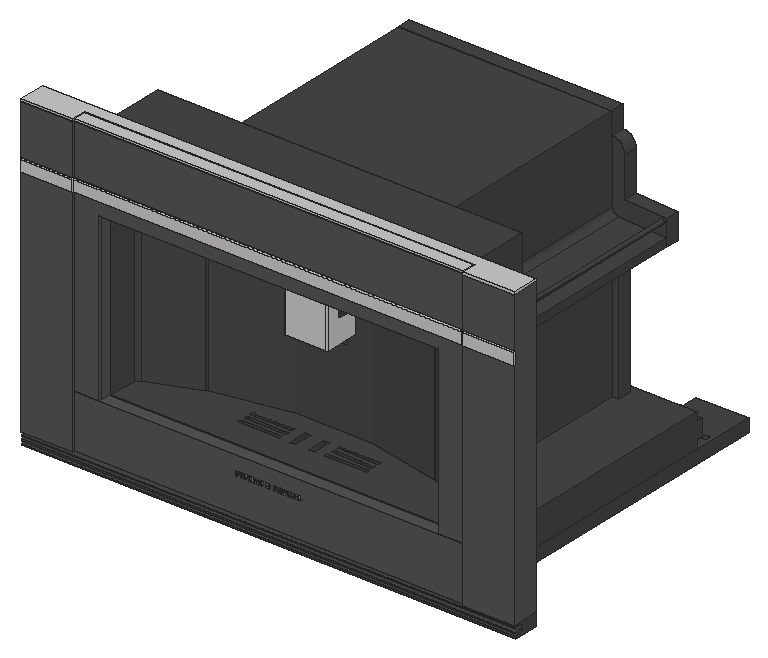
Revit family "FP_Revit_18_EB60DSXB2_w_TK76NDB1_Coffee_Maker_w_76cm_Trimkit_90000809A", category Specialty Equipment, Revit 2018
Family settings
  Round Connector Dimension = Use Diameter
  Part Type = Normal
  OmniClass Number = 23.40.40.14.17.31
  OmniClass Title = Small Specialized Cooking Equipment
  Work Plane-Based = No
  Always vertical = Yes
  Cut with Voids When Loaded = Yes
  Shared = No
  Room Calculation Point = No
Parameters (values of type "EB60DSXB2 + TK76NDB1")
  Visibility - Clearance Required = yes
  URL = "www.fisherpaykel.com"
  Product - Width = 757 mm  # constant formula
  Product - Height = 478 mm  # constant formula
  Product - Depth = 614 mm  # constant formula
  Model = "EB60DSXB2 + TK76NDB1"
  Material - Trim = Fisher & Paykel - Stainless Steel
  Material - Glass = Fisher & Paykel - Glass, Black
  Material - Body = Fisher & Paykel - Black
  Manufacturer = "Fisher & Paykel Appliances"
  FFL Offset [instance] = 900 mm
  Description = "60cm Coffee Maker + 76cm Trimkit"
  Connector Description - Electrical = "220-240 V, 50 Hz, 6.1 A"
  Chassis - Width = 560 mm  # constant formula
  Chassis - Height = 446 mm  # constant formula
  Chassis - Depth = 540 mm  # constant formula
  Cavity - Width = 560 mm  # constant formula
  Cavity - Height = 480 mm  # constant formula
  Cavity - Depth = 560 mm  # constant formula
Reference planes
  plane 1 "Center (Front/Back)": y = 0
  plane 2: z = 0
  plane 3 "Center (Left/Right)": x = 0
  plane 4: z = 1380
  plane 5: z = 1378
  plane 6 "Product LHS": x = -378.5
  plane 7 "Product RHS": x = 378.5
  plane 8 "Product - Depth": y = 0
  plane 9 "Cavity LHS": x = -380
  plane 10 "Cavity RHS": x = 380
  plane 11 "Cavity - Depth": y = 560
  plane 12 "Front Face": y = -41.5
  plane 13 "Chassis - Height": z = 0
  plane 14 "Product Depth": y = 540
  plane 15 "FFL Offset": z = 900
Forms (mm)
  Extrusion 1, void
    sketch origin (0, 0, 0) x (0, 1, 0) y (0, 0, 1)
      loop
        line (-41.5, 1380) -> (-41.5, 900) -> (0, 900) -> (0, 1380) -> (-41.5, 1380)
    from -380 to 380
  Extrusion 2, void
    sketch origin (0, 0, 0) x (0, 1, 0) y (0, 0, 1)
      loop
        line (560, 1370) -> (0, 1370) -> (0, 900) -> (560, 900) -> (560, 1370)
    from -280 to 280
Text (mm)
  text "Due to ongoing product development, product details are subject to change without notice. \nPlease always refer to www.fisherpaykel.com for the most current product information. \n© Fisher & Paykel 2020" at (41.04, -413.295, 0), in view "Ref. Level (Plan)"
Dimensions and locks
  equal spacing: plane 6 "Product LHS", plane 3 "Center (Left/Right)", plane 7 "Product RHS"
  "Product - Width": plane 6 "Product LHS" to plane 7 "Product RHS"
  equal spacing: plane 9 "Cavity LHS", plane 3 "Center (Left/Right)", plane 10 "Cavity RHS"
  locked: plane 9 "Cavity LHS" to plane 10 "Cavity RHS" at 760
  plane 12 "Front Face" to plane 1 "Center (Front/Back)" = 41.5 mm
  "Chassis - Depth": plane 1 "Center (Front/Back)" to plane 14 "Product Depth"
  "FFL Offset": plane 15 "FFL Offset" to level
  "Cavity - Depth": plane 1 "Center (Front/Back)" to plane 11 "Cavity - Depth"
  "Product - Height": plane 5 to plane 15 "FFL Offset"
  "Cavity - Height": plane 4 to plane 15 "FFL Offset"
  "Cavity - Width": Extrusion 2 to Extrusion 2
  aligned and locked: level to plane 2
  aligned and locked: plane 15 "FFL Offset" to nested 2
  aligned and locked: nested 2 to plane 8 "Product - Depth"
  aligned and locked: plane 12 "Front Face" to nested 2
  aligned and locked: plane 12 "Front Face" to Extrusion 1 sketch curve
  aligned and locked: Extrusion 1 sketch curve to plane 8 "Product - Depth"
  aligned and locked: plane 15 "FFL Offset" to Extrusion 1 sketch curve
  aligned and locked: Extrusion 1 sketch curve to plane 4
  aligned and locked: Extrusion 1 to plane 10 "Cavity RHS"
  aligned and locked: plane 9 "Cavity LHS" to Extrusion 1
  aligned and locked: Extrusion 2 sketch curve to plane 8 "Product - Depth"
  aligned and locked: Extrusion 2 sketch curve to plane 15 "FFL Offset"
  aligned and locked: plane 11 "Cavity - Depth" to Extrusion 2 sketch curve
  aligned and locked: Extrusion 2 sketch curve to nested 2
Nested families
  nested 1: "FP_Revit_18_EB60DSXB2_Coffee_Maker_90000809A" at (0, -19.5, 20), FFL Offset <- "FFL Offset", type "EB60DSXB2"
    with FFL Offset 900 mm
  nested 2: "FP_Revit_18_TK76ND_Trimkits_90001189A" at (0, 0, 0), FFL Offset <- "FFL Offset", type "TK76NDB1"
    with FFL Offset 900 mm
Connectors
  electrical at (95.857, 411.31, 1063), driven by "Connector Description - Electrical"
    settings: on nested 1, index 1, voltage 230 V, apparent load 0 VA, apparent load phase1 0 VA, apparent load phase2 0 VA, apparent load phase3 0 VA, power factor 1, load classification "Other", number of poles 1, system type 30, power factor state 1, is connector primary yes, connector utility no, sub classification motor no, connector description "220-240 V, 50 Hz, 6.1 A"
Definition of nested family "FP_Revit_18_EB60DSXB2_Coffee_Maker_90000809A"
  Parameters (values of type "EB24DSXB1")
    Visibility - Clearance Required = yes
    URL = "www.fisherpaykel.com"
    Product - Width = 596 mm  # constant formula
    Product - Height = 458 mm  # constant formula
    Product - Depth = 480 mm  # constant formula
    Model = "EB24DSXB1"
    Material - Trim = none
    Material - Glass = none
    Material - Body = none
    Manufacturer = "Fisher & Paykel Appliances"
    FFL Offset [instance] = 860 mm
    Description = "24cm Coffee Maker"
    Connector Description - Electrical = "120 V, 60 Hz, 11.25 A"
    Chassis - Width = 560 mm  # constant formula
    Chassis - Height = 445 mm  # constant formula
    Chassis - Depth = 460 mm  # constant formula
    Cavity - Width = 600 mm  # constant formula
    Cavity - Height = 460 mm  # constant formula
    Cavity - Depth = 545 mm  # constant formula
  Types (4, lengths in mm): name | Model | Description | Connector Description - Electrical
    EB60DSXBB1 | "EB60DSXBB1" | "60cm Coffee Maker" | "220-240 V, 50 Hz, 6.1 A"
    EB60DSXB2 | "EB60DSXB2" | "60cm Coffee Maker" | "220-240 V, 50 Hz, 6.1 A"
    EB24DSXBB1 | "EB24DSXBB1" | "24cm Coffee Maker" | "120 V, 60 Hz, 11.25 A"
    EB24DSXB1 | "EB24DSXB1" | "24cm Coffee Maker" | "120 V, 60 Hz, 11.25 A"
  Reference planes
    plane 1 "Center (Front/Back)": y = 0
    plane 2: z = 0
    plane 3 "Center (Left/Right)": x = 0
    plane 4: z = 1320
    plane 5: z = 1318
    plane 6 "Product LHS": x = -298
    plane 7 "Product RHS": x = 298
    plane 8 "Cavity LHS": x = -300
    plane 9 "Cavity RHS": x = 300
    plane 10 "Cavity - Depth": y = 545
    plane 11 "Front Face": y = -20
    plane 12 "Product Depth": y = 460
    plane 13 "FFL Offset": z = 860
  Forms (mm)
    Extrusion 1, solid, material <- "Material - Glass", detail levels fine
      sketch origin (0, 0, 915) x (0, 1, 0) y (0, 0, 1)
        loop
          line (0, -54) -> (0, 400) -> (-18.19, 400)
          arc (-18.19, 400) -> (-19.179, 399.792) -> (-20, 399.202) r 2.451
          line (-20, 399.202) -> (-20, 28.9) -> (-13, 28.9) -> (-13, 27.85) -> (-20, 27.85) -> (-20, -54) -> (0, -54)
      from -298 to 298
    Extrusion 2, solid, material <- "Material - Trim", detail levels fine
      sketch origin (0, 0, 0) x (0, 1, 0) y (0, 0, 1)
        loop
          line (0, 1318) -> (-20, 1318) -> (-20, 1315) -> (0, 1315) -> (0, 1318)
      from -298 to 298
    Extrusion 3, solid, material <- "Material - Trim", detail levels fine
      sketch origin (0, 0, 915) x (0, 1, 0) y (0, 0, 1)
        loop
          line (-20, 303) -> (-20, 322.8) -> (-20.827, 322.8) -> (-21.702, 320.52) -> (-21.702, 303) -> (-20, 303)
      from -298 to 298
    Extrusion 4, solid, material <- "Material - Body"
      sketch origin (0, 0, 0) x (0, 1, 0) y (0, 0, 1)
        loop
          line (116.01, 911.9) -> (116.01, 1305) -> (0, 1305) -> (0, 860) -> (450.02, 860) -> (450.02, 872.9) -> (460, 872.9) -> (460, 898.96) -> (450.02, 898.96) -> (450.02, 911.9) -> (116.01, 911.9)
      from -280 to 280
    Extrusion 5, solid, material <- "Material - Body", detail levels fine
      sketch origin (0, 0, 915) x (1, 0, 0) y (0, 0, 1)
        loop
          circle (255.488, 264.858) r 3
        loop
          arc (187.564, 248.08) -> (180.801, 250.881) -> (178, 257.644) r 9.564
          line (178, 257.644) -> (178, 390) -> (-150, 390) -> (-150, 258.403)
          arc (-150, 258.403) -> (-152.821, 251.442) -> (-159.691, 248.408) r 10
          line (-159.691, 248.408) -> (-261.967, 245.247) -> (-261.967, 232.285) -> (-159.605, 228.24)
          arc (-159.605, 228.24) -> (-152.791, 225.178) -> (-150, 218.248) r 10
          line (-150, 218.248) -> (-150, -3.1) -> (178, -3.1) -> (178, 219.061)
          arc (178, 219.061) -> (180.801, 225.824) -> (187.564, 228.625) r 9.564
          line (187.564, 228.625) -> (261.48, 231.852) -> (261.48, 244.856) -> (187.564, 248.08)
        loop
          circle (-255.488, 265.27) r 3
      from -415.81 to -116.01
    Extrusion 6, solid, material <- "Material - Body", detail levels fine
      sketch origin (0, 0, 0) x (1, 0, 0) y (0, 0, 1)
        loop
          line (261.48, 1185.549) -> (197.977, 1189.414) -> (197.977, 1250.8)
          arc (197.977, 1250.8) -> (192.126, 1264.926) -> (178, 1270.777) r 19.977
          line (178, 1270.777) -> (178, 1305) -> (-150.023, 1305) -> (-150.023, 1270.366)
          arc (-150.023, 1270.366) -> (-164.149, 1264.514) -> (-170, 1250.389) r 19.977
          line (-170, 1250.389) -> (-170, 1189.558) -> (-261.967, 1185.943) -> (-261.967, 1147.299) -> (-170, 1143.699) -> (-170, 860) -> (-120, 860) -> (-120, 1262.538) -> (145.224, 1262.538) -> (145.224, 911.9) -> (188.072, 911.9) -> (188.072, 1143.699) -> (261.48, 1146.905) -> (261.48, 1185.549)
      from -436.81 to -415.81
    Extrusion 7, void
      sketch origin (0, 0, 0) x (1, 0, 0) y (0, 1, 0)
        loop
          line (-261, -20.25) -> (261, -20.25) -> (261, -16.15) -> (258.097, 43.307)
          arc (258.097, 43.307) -> (256.532, 47.844) -> (252.912, 50.994) r 9.287
          arc (252.912, 50.994) -> (215.2, 66.982) -> (176.484, 80.359) r 600.007
          line (176.484, 80.359) -> (176.484, 87.818) -> (173.853, 87.818) -> (173.853, 81.162)
          arc (173.853, 81.162) -> (0, 106.902) -> (-173.853, 81.162) r 600.007
          line (-173.853, 81.162) -> (-173.853, 87.818) -> (-176.484, 87.818) -> (-176.484, 80.359)
          arc (-176.484, 80.359) -> (-215.2, 66.982) -> (-252.912, 50.994) r 600.007
          arc (-252.912, 50.994) -> (-256.532, 47.844) -> (-258.097, 43.307) r 9.287
          line (-258.097, 43.307) -> (-261, -16.15) -> (-261, -20.25)
      from 942.8 to 1197.8
    Extrusion 8, void
      sketch origin (0, 0, 0) x (1, 0, 0) y (0, 1, 0)
        loop
          arc (-96.162, 73.7) -> (-99.162, 70.7) -> (-96.162, 67.7) r 3
          line (-96.162, 67.7) -> (-36.788, 67.7)
          arc (-36.788, 67.7) -> (-33.788, 70.7) -> (-36.788, 73.7) r 3
          line (-36.788, 73.7) -> (-96.162, 73.7)
        loop
          arc (-96.162, 61.7) -> (-99.162, 58.7) -> (-96.162, 55.7) r 3
          line (-96.162, 55.7) -> (-36.788, 55.7)
          arc (-36.788, 55.7) -> (-33.788, 58.7) -> (-36.788, 61.7) r 3
          line (-36.788, 61.7) -> (-96.162, 61.7)
        loop
          arc (-96.162, 49.7) -> (-99.162, 46.7) -> (-96.162, 43.7) r 3
          line (-96.162, 43.7) -> (-36.788, 43.7)
          arc (-36.788, 43.7) -> (-33.788, 46.7) -> (-36.788, 49.7) r 3
          line (-36.788, 49.7) -> (-96.162, 49.7)
        loop
          line (-19.49, 73.102) -> (-19.49, 44.102) -> (-10.49, 44.102) -> (-10.49, 73.102) -> (-19.49, 73.102)
        loop
          line (96.162, 73.7) -> (36.788, 73.7)
          arc (36.788, 73.7) -> (33.788, 70.7) -> (36.788, 67.7) r 3
          line (36.788, 67.7) -> (96.162, 67.7)
          arc (96.162, 67.7) -> (99.162, 70.7) -> (96.162, 73.7) r 3
        loop
          line (96.162, 61.7) -> (36.788, 61.7)
          arc (36.788, 61.7) -> (33.788, 58.7) -> (36.788, 55.7) r 3
          line (36.788, 55.7) -> (96.162, 55.7)
          arc (96.162, 55.7) -> (99.162, 58.7) -> (96.162, 61.7) r 3
        loop
          line (96.162, 49.7) -> (36.788, 49.7)
          arc (36.788, 49.7) -> (33.788, 46.7) -> (36.788, 43.7) r 3
          line (36.788, 43.7) -> (96.162, 43.7)
          arc (96.162, 43.7) -> (99.162, 46.7) -> (96.162, 49.7) r 3
        loop
          line (19.49, 73.102) -> (10.49, 73.102) -> (10.49, 44.102) -> (19.49, 44.102) -> (19.49, 73.102)
      from 932.9 to 942.8
    Extrusion 9, solid, material <- "Material - Body"
      sketch origin (0, 0, 0) x (1, 0, 0) y (0, 1, 0)
        loop
          line (-238.877, 57.3) -> (238.036, 57.3) -> (238.036, 116.01) -> (-238.877, 116.01) -> (-238.877, 57.3)
      from 1171.8 to 1197.8
    Extrusion 10, solid, material <- "Material - Trim"
      sketch origin (0, 0, 0) x (1, 0, 0) y (0, 1, 0)
        loop
          line (-33, 105.99) -> (-33, 52.807)
          arc (-33, 52.807) -> (-32.412, 51.388) -> (-30.993, 50.8) r 2.007
          line (-30.993, 50.8) -> (31, 50.8)
          arc (31, 50.8) -> (32.414, 51.386) -> (33, 52.8) r 2
          line (33, 52.8) -> (33, 105.99) -> (-33, 105.99)
      from 1083.8 to 1183.5
    Extrusion 11, void
      sketch origin (0, 0, 0) x (1, 0, 0) y (0, 0, 1)
        loop
          line (-19.5, 1083.8) -> (-19.5, 1061.827) -> (19.5, 1061.827) -> (19.5, 1083.8) -> (-19.5, 1083.8)
      from -115 to -105
    Extrusion 12, solid, material <- "Material - Body", detail levels fine
      sketch origin (0, 0, 0) x (1, 0, 0) y (0, 0, 1)
        loop
          line (45.9, 1172.885) -> (45.9, 1163.535) -> (47.549, 1163.535) -> (47.549, 1147.911)
          arc (47.549, 1147.911) -> (55.35, 1140.11) -> (63.15, 1147.911) r 7.801
          line (63.15, 1147.911) -> (63.15, 1163.235) -> (73.436, 1163.235) -> (73.436, 1172.885) -> (45.9, 1172.885)
      from -106.934 to -61.01
    Extrusion 13, solid, material <- "Material - Body", detail levels fine
      sketch origin (0, 0, 915) x (1, 0, 0) y (0, 0, 1)
        loop
          line (53.653, 257.885) -> (53.653, 225.297)
          arc (53.653, 225.297) -> (55.35, 225.11) -> (57.047, 225.297) r 7.805
          line (57.047, 225.297) -> (57.047, 257.885) -> (53.653, 257.885)
      from -61.01 to -47.51
    Extrusion 14, solid, material <- "Material - Body", detail levels fine
      sketch origin (0, 0, 915) x (1, 0, 0) y (0, 0, 1)
        loop
          line (115.224, 76.056) -> (75.224, 76.056) -> (75.224, 21.056) -> (115.224, 21.056) -> (115.224, 76.056)
      from -417 to -415.81
    Extrusion 15, solid, material <- "Material - Body", detail levels fine
      sketch origin (0, 0, 915) x (1, 0, 0) y (0, 0, 1)
        loop
          line (107.224, 68.056) -> (83.224, 68.056) -> (83.224, 29.056) -> (107.224, 29.056) -> (107.224, 68.056)
      from -436.81 to -417
    Extrusion 16, solid, material <- "Material - Body", detail levels fine
      sketch origin (0, 0, 0) x (1, 0, 0) y (0, 1, 0)
        loop
          circle (95.857, 430.81) r 5
      from 983.056 to 1003
    Extrusion 17, void
      sketch origin (0, 0, 915) x (0, 1, 0) y (0, 0, 1)
        loop
          line (445.9, -19.903) -> (0, -19.903) -> (0, -55) -> (445.9, -55) -> (445.9, -19.903)
      from -54 to 54
    Extrusion 18, solid, detail levels fine
      sketch origin (0, 0, 0) x (1, 0, 0) y (0, 1, 0)
        loop
          line (-210.55, 31.63) -> (-210.55, 5.8) -> (-193.27, 5.8) -> (-193.27, 31.63) -> (-210.55, 31.63)
        loop
          line (-203.25, 13.924) -> (-203.25, 14.725)
          arc (-203.25, 14.725) -> (-201.75, 22.856) -> (-200.25, 14.725) r 4.204
          line (-200.25, 14.725) -> (-200.25, 13.924)
          arc (-200.25, 13.924) -> (-201.75, 23.687) -> (-203.25, 13.924) r 4.997
        loop
          line (-202.15, 17.61) -> (-202.15, 12.8) -> (-201.35, 12.8) -> (-201.35, 17.61) -> (-202.15, 17.61)
      from 1196.9 to 1197.8
    Extrusion 19, solid, visible <- "Visibility - Clearance Required", detail levels coarse
      sketch origin (0, 0, 0) x (1, 0, 0) y (0, 1, 0)
        loop
          line (-300, 0) -> (-300, -20) -> (300, -20) -> (300, 0) -> (-300, 0)
      from 860 to 1320
    Extrusion 20, solid, visible <- "Visibility - Clearance Required", detail levels coarse
      sketch origin (0, 0, 0) x (1, 0, 0) y (0, 1, 0)
        loop
          line (-280, 0) -> (280, 0) -> (280, 545) -> (-280, 545) -> (-280, 0)
      from 860 to 1310
    Extrusion 21, solid, material <- "Material - Body", detail levels coarse+medium
      sketch origin (0, -20, 915) x (-1, 0, 0) y (0, 0, 1)
        loop
          line (-197.977, 274.414) -> (-261.48, 274.414) -> (-261.48, 228.699) -> (-188.072, 228.699) -> (-188.072, -3.1) -> (170, -3.1) -> (170, 228.699) -> (261.967, 228.699) -> (261.967, 274.558) -> (170, 274.558) -> (170, 390.05) -> (-197.977, 390.05) -> (-197.977, 274.414)
      from 136.01 to 456.81
    Extrusion 22, solid, material <- "Material - Glass", detail levels coarse+medium
      sketch origin (0, 0, 915) x (1, 0, 0) y (0, 0, 1)
        loop
          line (-298, -54) -> (298, -54) -> (298, 403) -> (-298, 403) -> (-298, -54)
        loop
          line (261, 282.85) -> (-261, 282.85) -> (-261, 27.85) -> (261, 27.85) -> (261, 282.85)
      from 0 to 20
    Extrusion 23, void
      sketch origin (0, 0, 0) x (1, 0, 0) y (0, 1, 0)
        loop
          line (-280, 545) -> (-280, 0) -> (280, 0) -> (280, 545) -> (-280, 545)
      from 860 to 1310
    Extrusion 24, void
      sketch origin (0, 0, 0) x (1, 0, 0) y (0, 1, 0)
        loop
          line (-300, 0) -> (-300, -20) -> (300, -20) -> (300, 0) -> (-300, 0)
      from 860 to 1320
  Cuts and joins
    Extrusion 7 cuts Extrusion 1
    Extrusion 7, Extrusion 8, Extrusion 11, Extrusion 17 cuts Extrusion 4
    joined: Extrusion 4, Extrusion 9
  Lines and regions (mm)
    model lines, detail levels medium+fine
      curve 1: line (-47, -20, 1293.952) -> (47, -20, 1293.952)
      curve 2: line (-47, -20, 1240.952) -> (-47, -20, 1293.952)
      curve 3: line (47, -20, 1240.952) -> (-47, -20, 1240.952)
      curve 4: line (47, -20, 1293.952) -> (47, -20, 1240.952)
  Text (mm)
    text "Due to ongoing product development, product details are subject to change without notice. \nPlease always refer to www.fisherpaykel.com for the most current product information. \n© Fisher & Paykel 2020" at (41.04, -248.295, 0), in view "Ref. Level (Plan)"
  Dimensions and locks
    equal spacing: plane 6 "Product LHS", plane 3 "Center (Left/Right)", plane 7 "Product RHS"
    "Product - Width": plane 6 "Product LHS" to plane 7 "Product RHS"
    equal spacing: plane 8 "Cavity LHS", plane 3 "Center (Left/Right)", plane 9 "Cavity RHS"
    "Cavity - Width": plane 8 "Cavity LHS" to plane 9 "Cavity RHS"
    "Cavity - Depth": plane 10 "Cavity - Depth" to plane 1 "Center (Front/Back)"
    plane 11 "Front Face" to plane 1 "Center (Front/Back)" = 20 mm
    "Chassis - Depth": plane 1 "Center (Front/Back)" to plane 12 "Product Depth"
    "Product - Depth": plane 12 "Product Depth" to plane 11 "Front Face"
    "Chassis - Width": cut or joined group of Extrusion 4, Extrusion 7, Extrusion 8, Extrusion 9, Extrusion 11, Extrusion 17 to cut or joined group of Extrusion 4, Extrusion 7, Extrusion 8, Extrusion 9, Extrusion 11, Extrusion 17
    "FFL Offset": plane 13 "FFL Offset" to level
    "Chassis - Height": cut or joined group of Extrusion 4, Extrusion 7, Extrusion 8, Extrusion 9, Extrusion 11, Extrusion 17 to plane 13 "FFL Offset"
    "Product - Height": plane 5 to plane 13 "FFL Offset"
    "Cavity - Height": plane 4 to plane 13 "FFL Offset"
    locked: Extrusion 23 to plane 13 "FFL Offset" at 450
    locked: plane 5 to Extrusion 21 at 12.95
    locked: Extrusion 3 to plane 13 "FFL Offset" at 358
    locked: plane 13 "FFL Offset" to cut or joined group of Extrusion 1, Extrusion 7 at 1
    locked: plane 13 "FFL Offset" to cut or joined group of Extrusion 4, Extrusion 7, Extrusion 8, Extrusion 9, Extrusion 11, Extrusion 17 at 82.8
    locked: plane 13 "FFL Offset" to Extrusion 22 sketch curve at 337.85
    locked: cut or joined group of Extrusion 4, Extrusion 7, Extrusion 8, Extrusion 9, Extrusion 11, Extrusion 17 to plane 13 "FFL Offset" at 337.8
    locked: cut or joined group of Extrusion 4, Extrusion 7, Extrusion 8, Extrusion 9, Extrusion 11, Extrusion 17 to plane 13 "FFL Offset" at 51.9
    locked: plane 5 to Extrusion 3 at 100
    locked: plane 5 to Extrusion 22 at 120.15
    locked: plane 5 to Extrusion 22 at 375.15
    locked: Extrusion 16 to plane 13 "FFL Offset" at 143
    locked: cut or joined group of Extrusion 4, Extrusion 7, Extrusion 8, Extrusion 9, Extrusion 11, Extrusion 17 to cut or joined group of Extrusion 4, Extrusion 7, Extrusion 8, Extrusion 9, Extrusion 11, Extrusion 17 at 9.9
    locked: nested 1 to plane 13 "FFL Offset" at 61.04
    locked: Extrusion 10 to plane 13 "FFL Offset" at 323.5
    locked: Extrusion 10 to plane 13 "FFL Offset" at 223.8
    locked: cut or joined group of Extrusion 4, Extrusion 7, Extrusion 8, Extrusion 9, Extrusion 11, Extrusion 17 to plane 13 "FFL Offset" at 201.827
    locked: cut or joined group of Extrusion 4, Extrusion 7, Extrusion 8, Extrusion 9, Extrusion 11, Extrusion 17 to plane 13 "FFL Offset" at 311.8
    locked: Extrusion 12 to plane 13 "FFL Offset" at 312.885
    locked: Extrusion 22 to Extrusion 18 at 0.95
    locked: plane 5 to Extrusion 23 at 8
    locked: Extrusion 17 sketch curve to plane 13 "FFL Offset" at 35.097
    plane 5 to curve 3 = 77.048 mm
    locked: plane 5 to curve 1 at 24.048
    locked: Extrusion 15 to plane 13 "FFL Offset" at 84.056
    locked: Extrusion 15 to plane 13 "FFL Offset" at 123.056
    locked: plane 5 to curve 3 at 77.048
    aligned and locked: level to plane 2
    aligned and locked: Extrusion 3 to plane 7 "Product RHS"
    aligned and locked: plane 6 "Product LHS" to Extrusion 3
    aligned and locked: Extrusion 2 to plane 7 "Product RHS"
    aligned and locked: plane 6 "Product LHS" to Extrusion 2
    aligned and locked: plane 6 "Product LHS" to Extrusion 1
    aligned and locked: Extrusion 1 to plane 7 "Product RHS"
    aligned and locked: plane 9 "Cavity RHS" to Extrusion 19 sketch curve
    aligned and locked: Extrusion 19 sketch curve to plane 8 "Cavity LHS"
    aligned and locked: plane 1 "Center (Front/Back)" to Extrusion 19 sketch curve
    aligned and locked: Extrusion 5 to cut or joined group of Extrusion 4, Extrusion 7, Extrusion 8, Extrusion 9, Extrusion 11, Extrusion 17
    aligned and locked: Extrusion 5 to Extrusion 4
    aligned and locked: Extrusion 6 to Extrusion 5
    aligned and locked: plane 4 to Extrusion 24
    aligned and locked: plane 5 to Extrusion 2
    aligned and locked: Extrusion 24 to Extrusion 19
    aligned and locked: plane 5 to Extrusion 22 sketch curve
    aligned and locked: Extrusion 21 to Extrusion 5
    aligned and locked: Extrusion 5 to Extrusion 6
    aligned and locked: Extrusion 8 to Extrusion 7
    aligned and locked: Extrusion 11 to Extrusion 10
    aligned and locked: cut or joined group of Extrusion 1, Extrusion 7 to Extrusion 18
    aligned and locked: Extrusion 19 to Extrusion 17
    aligned and locked: plane 13 "FFL Offset" to Extrusion 4 sketch curve
    aligned and locked: Extrusion 4 to Extrusion 17
    aligned and locked: Extrusion 23 to cut or joined group of Extrusion 4, Extrusion 7, Extrusion 8, Extrusion 9, Extrusion 11, Extrusion 17
    aligned and locked: cut or joined group of Extrusion 4, Extrusion 7, Extrusion 8, Extrusion 9, Extrusion 11, Extrusion 17 to Extrusion 6
    aligned and locked: Extrusion 24 to cut or joined group of Extrusion 4, Extrusion 7, Extrusion 8, Extrusion 9, Extrusion 11, Extrusion 17
    aligned and locked: Extrusion 20 to Extrusion 23
    aligned and locked: Extrusion 20 to Extrusion 6
    aligned and locked: Extrusion 7 to Extrusion 9
    aligned and locked: Extrusion 16 to Extrusion 15
  Automatic sketch dimensions
    Extrusion 3 sketch curve to Extrusion 3 sketch curve = 17.52 mm
    Extrusion 3 sketch curve to Extrusion 3 sketch curve = 0.875 mm
    Extrusion 3 sketch curve to Extrusion 3 sketch curve = 0.827 mm
    Extrusion 3 sketch curve to Extrusion 3 sketch curve = 2.28 mm
    Extrusion 7 sketch curve to Extrusion 7 sketch curve = 0 mm  (x4)
    Extrusion 7 sketch curve to plane 3 "Center (Left/Right)" = 0 mm
    Extrusion 7 sketch curve to plane 6 "Product LHS" = 124.147 mm
    Extrusion 7 sketch curve to Extrusion 7 sketch curve = 2.63 mm  (x2)
    Extrusion 7 sketch curve to plane 6 "Product LHS" = 49.167 mm
    Extrusion 7 sketch curve to Extrusion 7 sketch curve = 9.264 mm  (x2)
    Extrusion 7 sketch curve to plane 6 "Product LHS" = 37 mm
    plane 7 "Product RHS" to Extrusion 7 sketch curve = 124.147 mm
    plane 7 "Product RHS" to Extrusion 7 sketch curve = 49.167 mm
    plane 1 "Center (Front/Back)" to Extrusion 7 sketch curve = 16.15 mm
    plane 7 "Product RHS" to Extrusion 7 sketch curve = 37 mm
    plane 1 "Center (Front/Back)" to Extrusion 7 sketch curve = 493.105 mm
    Extrusion 7 sketch curve to plane 1 "Center (Front/Back)" = 42.65 mm  (x2)
    Extrusion 7 sketch curve to Extrusion 7 sketch curve = 0.657 mm  (x2)
    Extrusion 7 sketch curve to plane 1 "Center (Front/Back)" = 80.359 mm  (x2)
    Extrusion 7 sketch curve to Extrusion 7 sketch curve = 0.803 mm
    Extrusion 7 sketch curve to Extrusion 7 sketch curve = 6.656 mm  (x2)
    Extrusion 7 sketch curve to Extrusion 7 sketch curve = 4.1 mm  (x2)
    Extrusion 8 sketch curve to plane 3 "Center (Left/Right)" = 96.162 mm
    Extrusion 8 sketch curve to Extrusion 8 sketch curve = 0 mm  (x9)
    Extrusion 8 sketch curve to plane 3 "Center (Left/Right)" = 36.788 mm
    Extrusion 8 sketch curve to Extrusion 8 sketch curve = 17.298 mm  (x3)
    Extrusion 8 sketch curve to Extrusion 8 sketch curve = 9 mm  (x2)
    plane 3 "Center (Left/Right)" to Extrusion 8 sketch curve = 10.49 mm
    Extrusion 8 sketch curve to Extrusion 8 sketch curve = 59.375 mm
    Extrusion 8 sketch curve to plane 1 "Center (Front/Back)" = 43.7 mm  (x2)
    Extrusion 8 sketch curve to Extrusion 8 sketch curve = 0.402 mm
    Extrusion 8 sketch curve to Extrusion 8 sketch curve = 3 mm  (x6)
    Extrusion 8 sketch curve to Extrusion 8 sketch curve = 6 mm  (x4)
    Extrusion 8 sketch curve to Extrusion 8 sketch curve = 0.598 mm
    Extrusion 10 sketch curve to Extrusion 10 sketch curve = 2.007 mm
    Extrusion 10 sketch curve to Extrusion 10 sketch curve = 53.19 mm
    Extrusion 11 sketch curve to plane 3 "Center (Left/Right)" = 19.5 mm
    plane 3 "Center (Left/Right)" to Extrusion 11 sketch curve = 19.5 mm
    level to Extrusion 11 sketch curve = 1061.827 mm
    Extrusion 11 sketch curve to Extrusion 11 sketch curve = 21.973 mm
    Extrusion 12 sketch curve to Extrusion 12 sketch curve = 1.649 mm
    Extrusion 12 sketch curve to Extrusion 12 sketch curve = 7.801 mm
    Extrusion 12 sketch curve to Extrusion 12 sketch curve = 10.286 mm
    Extrusion 12 sketch curve to Extrusion 12 sketch curve = 15.324 mm
    Extrusion 12 sketch curve to Extrusion 12 sketch curve = 0.3 mm
    Extrusion 12 sketch curve to Extrusion 12 sketch curve = 9.35 mm
    Extrusion 13 sketch curve to Extrusion 13 sketch curve = 1.697 mm
    Extrusion 13 sketch curve to Extrusion 13 sketch curve = 7.618 mm
    Extrusion 13 sketch curve to Extrusion 13 sketch curve = 24.97 mm
    Extrusion 13 sketch curve to Extrusion 13 sketch curve = 3.394 mm
    Extrusion 14 sketch curve to Extrusion 14 sketch curve = 40 mm
    Extrusion 14 sketch curve to Extrusion 14 sketch curve = 55 mm
    Extrusion 15 sketch curve to Extrusion 15 sketch curve = 24 mm
    Extrusion 15 sketch curve to Extrusion 15 sketch curve = 39 mm
    level to Extrusion 17 sketch curve = 860 mm
    Extrusion 17 sketch curve to plane 1 "Center (Front/Back)" = 0 mm
    Extrusion 18 sketch curve to Extrusion 18 sketch curve = 7.3 mm
    Extrusion 18 sketch curve to Extrusion 18 sketch curve = 1.1 mm  (x2)
    Extrusion 18 sketch curve to Extrusion 18 sketch curve = 0.4 mm
    Extrusion 18 sketch curve to Extrusion 18 sketch curve = 0 mm
    Extrusion 18 sketch curve to Extrusion 18 sketch curve = 0.8 mm
    Extrusion 18 sketch curve to Extrusion 18 sketch curve = 8.08 mm
    Extrusion 18 sketch curve to Extrusion 18 sketch curve = 7 mm
    Extrusion 18 sketch curve to Extrusion 18 sketch curve = 1.124 mm
    Extrusion 18 sketch curve to Extrusion 18 sketch curve = 0.801 mm
    Extrusion 18 sketch curve to Extrusion 18 sketch curve = 2.885 mm
    Extrusion 18 sketch curve to Extrusion 18 sketch curve = 1.042 mm
    Extrusion 18 sketch curve to Extrusion 18 sketch curve = 0.038 mm
    Extrusion 18 sketch curve to Extrusion 18 sketch curve = 12.94 mm
    Extrusion 9 sketch curve to plane 6 "Product LHS" = 59.123 mm
    Extrusion 9 sketch curve to plane 1 "Center (Front/Back)" = 57.3 mm
    plane 7 "Product RHS" to Extrusion 9 sketch curve = 59.964 mm
    Extrusion 9 sketch curve to Extrusion 9 sketch curve = 58.71 mm
    plane 1 "Center (Front/Back)" to Extrusion 19 sketch curve = 20 mm
    Extrusion 17 sketch curve to plane 10 "Cavity - Depth" = 99.1 mm
    Extrusion 6 sketch curve to plane 6 "Product LHS" = 36.033 mm
    level to Extrusion 6 sketch curve = 860 mm
    Extrusion 6 sketch curve to plane 6 "Product LHS" = 128 mm
    Extrusion 6 sketch curve to Extrusion 6 sketch curve = 0 mm
    Extrusion 6 sketch curve to Extrusion 6 sketch curve = 19.977 mm
    Extrusion 6 sketch curve to Extrusion 6 sketch curve = 30.023 mm
    level to Extrusion 6 sketch curve = 911.9 mm
    plane 3 "Center (Left/Right)" to Extrusion 6 sketch curve = 145.224 mm
    Extrusion 6 sketch curve to plane 5 = 13 mm
    Extrusion 6 sketch curve to Extrusion 6 sketch curve = 32.776 mm
    Extrusion 6 sketch curve to Extrusion 6 sketch curve = 10.072 mm
    Extrusion 6 sketch curve to Extrusion 6 sketch curve = 9.905 mm
    plane 7 "Product RHS" to Extrusion 6 sketch curve = 36.52 mm
    Extrusion 6 sketch curve to Extrusion 6 sketch curve = 161.301 mm  (x2)
    Extrusion 6 sketch curve to Extrusion 6 sketch curve = 3.205 mm
    Extrusion 6 sketch curve to Extrusion 6 sketch curve = 3.6 mm
    Extrusion 6 sketch curve to Extrusion 6 sketch curve = 38.645 mm
    Extrusion 6 sketch curve to Extrusion 6 sketch curve = 38.644 mm
    Extrusion 6 sketch curve to Extrusion 6 sketch curve = 45.715 mm
    Extrusion 6 sketch curve to Extrusion 6 sketch curve = 45.858 mm
    Extrusion 6 sketch curve to Extrusion 6 sketch curve = 54.611 mm
    Extrusion 6 sketch curve to Extrusion 6 sketch curve = 54.2 mm
    Extrusion 6 sketch curve to Extrusion 6 sketch curve = 7.828 mm
    Extrusion 5 sketch curve to plane 6 "Product LHS" = 36.033 mm
    Extrusion 5 sketch curve to Extrusion 5 sketch curve = 6.478 mm
    Extrusion 5 sketch curve to Extrusion 5 sketch curve = 95.488 mm
    Extrusion 5 sketch curve to Extrusion 5 sketch curve = 0.309 mm  (x2)
    Extrusion 5 sketch curve to Extrusion 5 sketch curve = 0.395 mm
    Extrusion 5 sketch curve to Extrusion 5 sketch curve = 10 mm  (x2)
    plane 7 "Product RHS" to Extrusion 5 sketch curve = 120 mm  (x2)
    Extrusion 5 sketch curve to plane 5 = 13 mm
    Extrusion 5 sketch curve to Extrusion 5 sketch curve = 9.564 mm  (x2)
    plane 7 "Product RHS" to Extrusion 5 sketch curve = 42.512 mm
    Extrusion 5 sketch curve to Extrusion 5 sketch curve = 5.992 mm
    Extrusion 5 sketch curve to Extrusion 5 sketch curve = 171.752 mm
    Extrusion 5 sketch curve to Extrusion 5 sketch curve = 170.939 mm
    Extrusion 5 sketch curve to Extrusion 5 sketch curve = 3.227 mm
    Extrusion 5 sketch curve to Extrusion 5 sketch curve = 4.045 mm
    Extrusion 5 sketch curve to Extrusion 5 sketch curve = 13.004 mm
    Extrusion 5 sketch curve to Extrusion 5 sketch curve = 12.962 mm
    Extrusion 5 sketch curve to Extrusion 5 sketch curve = 20.168 mm
    Extrusion 5 sketch curve to Extrusion 5 sketch curve = 19.455 mm
    Extrusion 5 sketch curve to Extrusion 5 sketch curve = 20.001 mm
    Extrusion 5 sketch curve to Extrusion 5 sketch curve = 20.023 mm
    Extrusion 20 sketch curve to plane 10 "Cavity - Depth" = 0 mm
    plane 1 "Center (Front/Back)" to Extrusion 20 sketch curve = 0 mm
    Extrusion 20 sketch curve to plane 6 "Product LHS" = 18 mm
    plane 7 "Product RHS" to Extrusion 20 sketch curve = 18 mm
    level to Extrusion 5 sketch curve = 911.9 mm
    Extrusion 21 sketch curve to plane 5 = 12.95 mm
    plane 7 "Product RHS" to Extrusion 21 sketch curve = 100.023 mm
    Extrusion 21 sketch curve to Extrusion 21 sketch curve = 9.905 mm
    level to Extrusion 21 sketch curve = 911.9 mm
    Extrusion 21 sketch curve to plane 6 "Product LHS" = 128 mm  (x2)
    Extrusion 21 sketch curve to plane 6 "Product LHS" = 36.033 mm
    Extrusion 21 sketch curve to Extrusion 21 sketch curve = 161.351 mm  (x2)
    Extrusion 21 sketch curve to Extrusion 21 sketch curve = 45.858 mm
    plane 7 "Product RHS" to Extrusion 21 sketch curve = 36.52 mm
    Extrusion 21 sketch curve to Extrusion 21 sketch curve = 45.715 mm
    Extrusion 1 sketch curve to plane 11 "Front Face" = 0 mm  (x2)
    Extrusion 1 sketch curve to plane 1 "Center (Front/Back)" = 0 mm
    plane 11 "Front Face" to Extrusion 1 sketch curve = 1.81 mm
    plane 11 "Front Face" to Extrusion 1 sketch curve = 7 mm
    level to Extrusion 1 sketch curve = 861 mm
    Extrusion 1 sketch curve to Extrusion 1 sketch curve = 81.85 mm
    Extrusion 1 sketch curve to Extrusion 1 sketch curve = 1.05 mm
    Extrusion 1 sketch curve to plane 5 = 3 mm
    Extrusion 1 sketch curve to Extrusion 1 sketch curve = 2.451 mm
    Extrusion 23 sketch curve to plane 1 "Center (Front/Back)" = 0 mm
    plane 10 "Cavity - Depth" to Extrusion 23 sketch curve = 0 mm
    Extrusion 23 sketch curve to plane 6 "Product LHS" = 18 mm
    plane 7 "Product RHS" to Extrusion 23 sketch curve = 18 mm
    Extrusion 24 sketch curve to plane 8 "Cavity LHS" = 0 mm
    Extrusion 24 sketch curve to plane 9 "Cavity RHS" = 0 mm
    Extrusion 24 sketch curve to plane 1 "Center (Front/Back)" = 0 mm
    Extrusion 24 sketch curve to plane 11 "Front Face" = 0 mm
    Extrusion 2 sketch curve to plane 11 "Front Face" = 0 mm
    Extrusion 2 sketch curve to plane 1 "Center (Front/Back)" = 0 mm
    plane 13 "FFL Offset" to Extrusion 2 sketch curve = 455 mm
    Extrusion 2 sketch curve to Extrusion 2 sketch curve = 3 mm
    Extrusion 10 sketch curve to Extrusion 10 sketch curve = 61.993 mm
    Extrusion 10 sketch curve to Extrusion 10 sketch curve = 2 mm
    plane 6 "Product LHS" to Extrusion 22 sketch curve = 0 mm
    plane 7 "Product RHS" to Extrusion 22 sketch curve = 0 mm
    Extrusion 22 sketch curve to plane 6 "Product LHS" = 37 mm
    plane 7 "Product RHS" to Extrusion 22 sketch curve = 37 mm
    plane 13 "FFL Offset" to Extrusion 22 sketch curve = 82.85 mm
    plane 13 "FFL Offset" to Extrusion 22 sketch curve = 1 mm
    Extrusion 3 sketch curve to plane 11 "Front Face" = 0 mm
    Extrusion 3 sketch curve to plane 5 = 100 mm
    Extrusion 10 sketch curve to plane 3 "Center (Left/Right)" = 33 mm
    Extrusion 10 sketch curve to plane 1 "Center (Front/Back)" = 50.8 mm
    plane 3 "Center (Left/Right)" to Extrusion 12 sketch curve = 45.9 mm
    Extrusion 12 sketch curve to plane 5 = 170.089 mm
    plane 3 "Center (Left/Right)" to Extrusion 13 sketch curve = 53.653 mm
    Extrusion 13 sketch curve to plane 5 = 177.703 mm
    plane 3 "Center (Left/Right)" to Extrusion 14 sketch curve = 75.224 mm
    plane 13 "FFL Offset" to Extrusion 14 sketch curve = 76.056 mm
    plane 3 "Center (Left/Right)" to Extrusion 15 sketch curve = 83.224 mm
    plane 13 "FFL Offset" to Extrusion 15 sketch curve = 84.056 mm
    Extrusion 16 sketch curve to plane 12 "Product Depth" = 29.19 mm
    plane 3 "Center (Left/Right)" to Extrusion 16 sketch curve = 95.857 mm
    Extrusion 18 sketch curve to plane 1 "Center (Front/Back)" = 5.8 mm
    Extrusion 18 sketch curve to plane 6 "Product LHS" = 87.45 mm
    Extrusion 4 sketch curve to plane 1 "Center (Front/Back)" = 0 mm
    Extrusion 4 sketch curve to plane 12 "Product Depth" = 0 mm
    Extrusion 4 sketch curve to plane 5 = 13 mm
    Extrusion 4 sketch curve to plane 1 "Center (Front/Back)" = 116.01 mm
    Extrusion 4 sketch curve to plane 12 "Product Depth" = 9.98 mm
    Extrusion 4 sketch curve to Extrusion 4 sketch curve = 9.98 mm
    plane 13 "FFL Offset" to Extrusion 4 sketch curve = 12.9 mm
    Extrusion 4 sketch curve to Extrusion 4 sketch curve = 26.06 mm
    plane 13 "FFL Offset" to Extrusion 4 sketch curve = 51.9 mm
    plane 3 "Center (Left/Right)" to curve 1 = 47 mm
    curve 3 to plane 3 "Center (Left/Right)" = 47 mm
    radius of Extrusion 16 sketch curve = 5 mm
    radius of Extrusion 5 sketch curve = 3 mm  (x2)
  Nested families
    nested 1: "F&P Logo 100mm" at (0, -20, 915), type "F&P Logo 100mm", detail levels fine
  Connectors
    electrical at (95.857, 430.81, 1003), driven by "Connector Description - Electrical"
      settings: on Extrusion 16, index 1, voltage 120 V, apparent load 0 VA, apparent load phase1 0 VA, apparent load phase2 0 VA, apparent load phase3 0 VA, power factor 1, load classification none, number of poles 1, system type 30, power factor state 1, is connector primary yes, connector utility no, sub classification motor no, connector description "120 V, 60 Hz, 11.25 A"
  Definition of nested family "F&P Logo 100mm"
    Parameters (values of type "F&P Logo 100mm")
      URL = "www.fisherpaykel.com"
      Material - Logo = none
      Manufacturer = "Fisher & Paykel Appliances"
    Reference planes
      plane 1 "Center (Front/Back)": y = 0
      plane 2: z = 0
      plane 3 "Center (Left/Right)": x = 0
    Forms (mm)
      Extrusion 1, solid, material <- "Material - Logo", detail levels fine
        sketch origin (0, 0, 0) x (1, 0, 0) y (0, 0, 1)
          loop
            line (-50.044, 0) -> (-48.47, 0) -> (-48.47, 2.138) -> (-46.011, 2.138) -> (-46.011, 3.472) -> (-48.47, 3.472) -> (-48.47, 4.712) -> (-45.795, 4.712) -> (-45.795, 6.04) -> (-50.044, 6.04) -> (-50.044, 0)
          loop
            line (-42.804, 6.04) -> (-42.804, 0) -> (-41.23, 0) -> (-41.23, 6.04) -> (-42.804, 6.04)
          loop
            line (-30.724, 6.04) -> (-30.724, 0) -> (-29.151, 0) -> (-29.151, 2.42) -> (-26.839, 2.42) -> (-26.839, 0) -> (-25.265, 0) -> (-25.265, 6.04) -> (-26.839, 6.04) -> (-26.839, 3.748) -> (-29.151, 3.748) -> (-29.151, 6.04) -> (-30.724, 6.04)
          loop
            line (-21.906, 6.04) -> (-21.906, 0) -> (-17.602, 0) -> (-17.602, 1.328) -> (-20.347, 1.328) -> (-20.347, 2.42) -> (-17.838, 2.42) -> (-17.838, 3.748) -> (-20.347, 3.748) -> (-20.347, 4.712) -> (-17.602, 4.712) -> (-17.602, 6.04) -> (-21.906, 6.04)
          loop
            line (45.667, 6.04) -> (45.667, 0) -> (49.956, 0) -> (49.956, 1.328) -> (47.241, 1.328) -> (47.241, 6.04) -> (45.667, 6.04)
          loop
            line (42.431, 6.04) -> (38.112, 6.04) -> (38.112, 0) -> (42.431, 0) -> (42.431, 1.328) -> (39.687, 1.328) -> (39.687, 2.42) -> (42.195, 2.42) -> (42.195, 3.748) -> (39.687, 3.748) -> (39.687, 4.712) -> (42.431, 4.712) -> (42.431, 6.04)
          loop
            line (33.451, 3.148) -> (35.683, 6.04) -> (33.844, 6.04) -> (31.915, 3.542) -> (31.915, 6.04) -> (30.342, 6.04) -> (30.342, 0) -> (31.915, 0) -> (31.915, 2.705) -> (33.903, 0) -> (35.763, 0) -> (33.451, 3.148)
          loop
            line (21.98, 6.04) -> (24.262, 2.42) -> (24.262, 0) -> (25.837, 0) -> (25.837, 2.341) -> (28.119, 6.04) -> (26.446, 6.04) -> (25.099, 3.707) -> (23.753, 6.04) -> (21.98, 6.04)
          loop
            line (18.479, 6.04) -> (16.983, 6.04) -> (14.524, 0) -> (16.069, 0) -> (16.501, 1.112) -> (18.921, 1.112) -> (19.354, 0) -> (20.938, 0) -> (18.479, 6.04)
          loop
            line (18.4, 2.439) -> (17.693, 4.174) -> (17.018, 2.439) -> (18.4, 2.439)
          loop
            line (8.031, 6.04) -> (8.031, 0) -> (9.605, 0) -> (9.605, 1.938) -> (10.599, 1.938)
            arc (10.599, 1.938) -> (12.65, 3.989) -> (10.599, 6.04) r 2.051
            line (10.599, 6.04) -> (8.031, 6.04)
          loop
            line (9.605, 4.712) -> (9.605, 3.197) -> (10.501, 3.197)
            arc (10.501, 3.197) -> (11.259, 3.954) -> (10.501, 4.712) r 0.757
            line (10.501, 4.712) -> (9.605, 4.712)
          loop
            line (-11.783, 6.04) -> (-14.366, 6.04) -> (-14.366, 0) -> (-12.792, 0) -> (-12.792, 1.336) -> (-11.992, 1.336) -> (-10.972, 0) -> (-9.153, 0) -> (-10.694, 1.973)
            arc (-10.694, 1.973) -> (-9.678, 4.424) -> (-11.783, 6.04) r 2.179
          loop
            line (-11.897, 4.712) -> (-12.792, 4.712) -> (-12.792, 3.053) -> (-11.897, 3.053)
            arc (-11.897, 3.053) -> (-11.068, 3.882) -> (-11.897, 4.712) r 0.83
          loop
            line (0.477, 4.712) -> (0.477, 6.153) -> (-3.575, 6.153) -> (-3.575, 4.851) -> (-2.974, 4.112)
            arc (-2.974, 4.112) -> (-3.51, 0.684) -> (-0.045, 0.512) r 2.334
            line (-0.045, 0.512) -> (0.46, -0.109) -> (2.246, -0.109) -> (0.86, 1.594) -> (2.061, 3.324) -> (0.443, 3.324) -> (-0.013, 2.667) -> (-1.677, 4.712) -> (0.477, 4.712)
          loop
            arc (-2.125, 3.068) -> (-2.269, 1.668) -> (-0.868, 1.524) r 0.996
            line (-0.868, 1.524) -> (-2.125, 3.068)
          loop
            line (-35.18, 3.634) -> (-36.516, 3.91)
            arc (-36.516, 3.91) -> (-37.049, 4.443) -> (-36.516, 4.976) r 0.533
            arc (-36.516, 4.976) -> (-35.235, 4.79) -> (-34.059, 4.248) r 4.505
            line (-34.059, 4.248) -> (-34.059, 5.743)
            arc (-34.059, 5.743) -> (-35.549, 6.179) -> (-37.1, 6.109) r 4.726
            arc (-37.1, 6.109) -> (-38.536, 4.335) -> (-37.1, 2.561) r 1.814
            line (-37.1, 2.561) -> (-35.754, 2.282)
            arc (-35.754, 2.282) -> (-35.221, 1.749) -> (-35.754, 1.216) r 0.533
            arc (-35.754, 1.216) -> (-37.035, 1.402) -> (-38.211, 1.945) r 4.505
            line (-38.211, 1.945) -> (-38.211, 0.449)
            arc (-38.211, 0.449) -> (-36.72, 0.013) -> (-35.169, 0.083) r 4.726
            arc (-35.169, 0.083) -> (-33.734, 1.863) -> (-35.18, 3.634) r 1.814
        from 0 to 0.8
    Dimensions and locks
      aligned and locked: level to plane 2
Definition of nested family "FP_Revit_18_TK76ND_Trimkits_90001189A"
  Parameters (values of type "TK76NDBB1")
    Visibility - Clearance Required = yes
    URL = "www.fisherpaykel.com"
    Product - Width = 757 mm  # constant formula
    Product - Height = 478 mm  # constant formula
    Product - Depth = 571.5 mm  # constant formula
    Model = "TK76NDBB1"
    Material - Trim = none
    Material - Glass = none
    Material - Body = none
    Manufacturer = "Fisher & Paykel Appliances"
    FFL Offset [instance] = 860 mm
    Description = "76cm Trim Kit"
    Chassis - Width = 560 mm  # constant formula
    Chassis - Height = 20 mm  # constant formula
    Chassis - Depth = 530 mm  # constant formula
    Cavity - Width = 760 mm  # constant formula
    Cavity - Height = 480 mm  # constant formula
    Cavity - Depth = 560 mm  # constant formula
  Types (3, lengths in mm): name | Model
    (no name) | "TK76NDBB1"
    TK76NDB1 | "TK76NDB1"
    TK76NDBB1 | "TK76NDBB1"
  Reference planes
    plane 1 "Center (Front/Back)": y = 0
    plane 2: z = 0
    plane 3 "Center (Left/Right)": x = 0
    plane 4: z = 1340
    plane 5: z = 1338
    plane 6 "Product LHS": x = -378.5
    plane 7 "Product RHS": x = 378.5
    plane 8 "Product - Depth": y = 530
    plane 9 "Cavity LHS": x = -380
    plane 10 "Cavity RHS": x = 380
    plane 11 "Cavity - Depth": y = 560
    plane 12 "Front Face": y = -41.5
    plane 13 "Chassis - Height": z = 880
    plane 14 "FFL Offset": z = 860
  Forms (mm)
    Extrusion 1, solid, material <- "Material - Glass", detail levels fine
      sketch origin (0, 0, 0) x (0, 1, 0) y (0, 0, 1)
        loop
          line (0, 1335) -> (-39.5, 1335)
          arc (-39.5, 1335) -> (-40.617, 1334.734) -> (-41.5, 1334) r 2.521
          line (-41.5, 1334) -> (-41.5, 880) -> (0, 880) -> (0, 1335)
      from -378.5 to 378.5
    Extrusion 2, solid, material <- "Material - Trim", detail levels fine
      sketch origin (0, 0, 0) x (0, 1, 0) y (0, 0, 1)
        loop
          line (0, 1338) -> (-41.5, 1338) -> (-41.5, 1335) -> (0, 1335) -> (0, 1338)
      from -378.5 to 378.5
    Extrusion 3, solid, material <- "Material - Body"
      sketch origin (0, 0, 0) x (1, 0, 0) y (0, 0, 1)
        loop
          line (280, 880) -> (200, 880) -> (200, 861) -> (176, 861) -> (176, 860) -> (280, 860) -> (280, 880)
        loop
          line (-280, 880) -> (-280, 860) -> (-176, 860) -> (-176, 861) -> (-200, 861) -> (-200, 880) -> (-280, 880)
      from -530 to 0
    Extrusion 4, void
      sketch origin (0, 0, 0) x (1, 0, 0) y (0, 1, 0)
        loop
          line (-300, -18.5) -> (-300, -43.192) -> (299.823, -43.192) -> (299.823, -18.5) -> (-300, -18.5)
      from 880 to 1338
    Extrusion 5, void
      sketch origin (0, 0, 0) x (0, 1, 0) y (0, 0, 1)
        loop
          line (-18.5, 880) -> (0, 880) -> (0, 1326.5) -> (-16, 1326.5) -> (-16, 1334) -> (-18.5, 1334) -> (-18.5, 880)
      from -283 to 283
    Extrusion 6, solid, material <- "Material - Trim", detail levels fine
      sketch origin (0, 0, 0) x (0, 1, 0) y (0, 0, 1)
        loop
          line (-41.5, 1257.8) -> (-42.3, 1257.8) -> (-43.192, 1255.35) -> (-43.192, 1238) -> (-41.5, 1238) -> (-41.5, 1257.8)
      from -378.5 to 378.5
    Extrusion 7, solid, material <- "Material - Body", detail levels fine
      sketch origin (0, 0, 15) x (0, 1, 0) y (0, 0, 1)
        loop
          line (-23.654, 865) -> (-39.5, 861.049) -> (-39.5, 858.901) -> (-26, 862.392) -> (-26, 858.092) -> (-39.5, 854.601) -> (-39.5, 852.601) -> (-26, 856.092) -> (-26, 851.848) -> (-39.5, 848.356) -> (-39.5, 846.348) -> (-34.47, 845) -> (0, 845) -> (0, 865) -> (-23.654, 865)
      from -378.5 to 378.5
    Extrusion 8, solid
      sketch origin (0, 0, 0) x (1, 0, 0) y (0, 0, 1)
        loop
          circle (-288, 1202) r 4
        loop
          circle (-288, 1012) r 4
        loop
          circle (288, 1202) r 4
        loop
          circle (288, 1012) r 4
      from 18.5 to 21.5
    Extrusion 9, void
      sketch origin (0, 0, 0) x (1, 0, 0) y (0, 1, 0)
        loop
          circle (-270, 70) r 5
        loop
          circle (-270, 460) r 5
        loop
          circle (270, 70) r 5
        loop
          circle (270, 460) r 5
      from 860 to 880
    Extrusion 10, void
      sketch origin (0, 0, 0) x (0, 1, 0) y (0, 0, 1)
        loop
          circle (460, 870) r 5
        loop
          circle (70, 870) r 5
      from -225 to 225
    Extrusion 11, solid, material <- "Material - Glass", detail levels coarse+medium
      sketch origin (0, 0, 0) x (0, 1, 0) y (0, 0, 1)
        loop
          line (-41.5, 1338) -> (-41.5, 880) -> (0, 880) -> (0, 1338) -> (-41.5, 1338)
      from -378.5 to 378.5
    Extrusion 12, solid, visible <- "Visibility - Clearance Required", detail levels coarse
      sketch origin (0, 0, 0) x (1, 0, 0) y (0, 1, 0)
        loop
          line (-280, 0) -> (280, 0) -> (280, 560) -> (-280, 560) -> (-280, 0)
      from 860 to 1330
    Extrusion 13, solid, visible <- "Visibility - Clearance Required", detail levels coarse
      sketch origin (0, 0, 0) x (1, 0, 0) y (0, 1, 0)
        loop
          line (-380, 0) -> (-380, -41.5) -> (380, -41.5) -> (380, 0) -> (-380, 0)
      from 860 to 1340
    Extrusion 14, void
      sketch origin (0, 0, 0) x (1, 0, 0) y (0, 1, 0)
        loop
          line (-280, 560) -> (-280, 0) -> (280, 0) -> (280, 560) -> (-280, 560)
      from 860 to 1330
    Extrusion 15, void
      sketch origin (0, 0, 0) x (1, 0, 0) y (0, 1, 0)
        loop
          line (-380, -41.5) -> (380, -41.5) -> (380, 0) -> (-380, 0) -> (-380, -41.5)
      from 860 to 1340
    Extrusion 16, solid, material <- "Material - Body", detail levels coarse+medium
      sketch origin (0, 0, 0) x (0, 1, 0) y (0, 0, 1)
        loop
          line (-41.5, 880) -> (-41.5, 860) -> (0, 860) -> (0, 880) -> (-41.5, 880)
      from -378.5 to 378.5
  Cuts and joins
    Extrusion 4, Extrusion 5 cuts Extrusion 1
    Extrusion 4 cuts Extrusion 6
    Extrusion 4 cuts Extrusion 2
    Extrusion 9, Extrusion 10 cuts Extrusion 3
    Extrusion 4, Extrusion 5 cuts Extrusion 11
  Text (mm)
    text "Due to ongoing product development, product details are subject to change without notice. \nPlease always refer to www.fisherpaykel.com for the most current product information. \n© Fisher & Paykel 2020" at (41.04, -248.295, 0), in view "Ref. Level (Plan)"
  Dimensions and locks
    equal spacing: plane 6 "Product LHS", plane 3 "Center (Left/Right)", plane 7 "Product RHS"
    "Product - Width": plane 6 "Product LHS" to plane 7 "Product RHS"
    equal spacing: plane 9 "Cavity LHS", plane 3 "Center (Left/Right)", plane 10 "Cavity RHS"
    "Cavity - Width": plane 9 "Cavity LHS" to plane 10 "Cavity RHS"
    "Cavity - Depth": plane 11 "Cavity - Depth" to plane 1 "Center (Front/Back)"
    "Chassis - Depth": plane 8 "Product - Depth" to plane 1 "Center (Front/Back)"
    "Product - Depth": plane 8 "Product - Depth" to plane 12 "Front Face"
    equal spacing: Extrusion 12, plane 3 "Center (Left/Right)", Extrusion 12
    "Chassis - Width": Extrusion 12 to Extrusion 12
    "Chassis - Height": plane 14 "FFL Offset" to plane 13 "Chassis - Height"
    "Product - Height": plane 5 to plane 14 "FFL Offset"
    "Cavity - Height": plane 4 to plane 14 "FFL Offset"
    Extrusion 10 sketch curve to plane 14 "FFL Offset" = 10 mm
    locked: plane 14 "FFL Offset" to Extrusion 8 sketch curve at 152
    locked: plane 14 "FFL Offset" to Extrusion 8 sketch curve at 342
    locked: plane 5 to Extrusion 14 at 8
    locked: plane 5 to cut or joined group of Extrusion 2, Extrusion 4 at 3
    locked: plane 5 to cut or joined group of Extrusion 4, Extrusion 5, Extrusion 11 at 11.5
    locked: cut or joined group of Extrusion 4, Extrusion 6 to plane 14 "FFL Offset" at 378
    "FFL Offset": plane 14 "FFL Offset" to level
    locked: cut or joined group of Extrusion 3, Extrusion 9, Extrusion 10 to plane 14 "FFL Offset" at 10
    aligned and locked: level to plane 2
    aligned and locked: plane 5 to Extrusion 2 sketch curve
    aligned and locked: plane 6 "Product LHS" to Extrusion 1
    aligned and locked: Extrusion 1 to plane 7 "Product RHS"
    aligned and locked: Extrusion 3 to plane 8 "Product - Depth"
    aligned and locked: Extrusion 2 to plane 7 "Product RHS"
    aligned and locked: plane 6 "Product LHS" to Extrusion 2
    aligned and locked: plane 5 to Extrusion 4
    aligned and locked: Extrusion 6 to plane 7 "Product RHS"
    aligned and locked: plane 6 "Product LHS" to Extrusion 6
    aligned and locked: plane 6 "Product LHS" to Extrusion 7
    aligned and locked: Extrusion 7 to plane 7 "Product RHS"
    aligned and locked: Extrusion 11 to plane 7 "Product RHS"
    aligned and locked: plane 6 "Product LHS" to Extrusion 11
    aligned and locked: plane 4 to Extrusion 13
    aligned and locked: Extrusion 15 sketch curve to plane 10 "Cavity RHS"
    aligned and locked: plane 9 "Cavity LHS" to Extrusion 15 sketch curve
    aligned and locked: plane 4 to Extrusion 15
    aligned and locked: plane 14 "FFL Offset" to Extrusion 3 sketch curve
    aligned and locked: plane 13 "Chassis - Height" to Extrusion 3 sketch curve
    aligned and locked: Extrusion 3 sketch curve to plane 13 "Chassis - Height"
    aligned and locked: Extrusion 3 sketch curve to plane 14 "FFL Offset"
    aligned and locked: Extrusion 11 to cut or joined group of Extrusion 1, Extrusion 4, Extrusion 5
    aligned and locked: Extrusion 12 to cut or joined group of Extrusion 3, Extrusion 9, Extrusion 10
    aligned and locked: Extrusion 12 to Extrusion 14
    aligned and locked: Extrusion 3 to Extrusion 9  (x2)
    aligned and locked: Extrusion 4 to Extrusion 5
    aligned and locked: plane 5 to Extrusion 2
    aligned and locked: Extrusion 14 to cut or joined group of Extrusion 3, Extrusion 9, Extrusion 10
    aligned and locked: Extrusion 7 sketch curve to plane 1 "Center (Front/Back)"
    aligned and locked: Extrusion 7 sketch curve to plane 13 "Chassis - Height"
    aligned and locked: Extrusion 7 sketch curve to plane 14 "FFL Offset"
    aligned and locked: Extrusion 11 to Extrusion 7
    aligned and locked: Extrusion 15 to Extrusion 7
    aligned and locked: Extrusion 15 to cut or joined group of Extrusion 3, Extrusion 9, Extrusion 10
    aligned and locked: Extrusion 11 to cut or joined group of Extrusion 3, Extrusion 9, Extrusion 10
    aligned and locked: Extrusion 4 to Extrusion 1
    aligned and locked: Extrusion 13 to Extrusion 7
    aligned and locked: Extrusion 16 sketch curve to cut or joined group of Extrusion 4, Extrusion 5, Extrusion 11  (x2)
    aligned and locked: Extrusion 12 to Extrusion 16 sketch curve
    aligned and locked: Extrusion 16 sketch curve to Extrusion 13
  Automatic sketch dimensions
    Extrusion 2 sketch curve to plane 1 "Center (Front/Back)" = 0 mm
    Extrusion 2 sketch curve to plane 5 = 3 mm
    plane 1 "Center (Front/Back)" to Extrusion 2 sketch curve = 41.5 mm
    Extrusion 1 sketch curve to plane 1 "Center (Front/Back)" = 0 mm
    plane 12 "Front Face" to Extrusion 1 sketch curve = 2 mm
    plane 12 "Front Face" to Extrusion 1 sketch curve = 2.011 mm
    Extrusion 1 sketch curve to Extrusion 1 sketch curve = 2.521 mm
    Extrusion 1 sketch curve to plane 12 "Front Face" = 0 mm
    Extrusion 5 sketch curve to plane 1 "Center (Front/Back)" = 0 mm
    plane 1 "Center (Front/Back)" to Extrusion 5 sketch curve = 16 mm
    level to Extrusion 5 sketch curve = 880 mm
    Extrusion 5 sketch curve to plane 5 = 11.5 mm
    Extrusion 5 sketch curve to plane 5 = 4 mm
    plane 1 "Center (Front/Back)" to Extrusion 5 sketch curve = 18.5 mm
    Extrusion 6 sketch curve to plane 12 "Front Face" = 0 mm
    Extrusion 6 sketch curve to Extrusion 6 sketch curve = 0.8 mm
    Extrusion 6 sketch curve to Extrusion 6 sketch curve = 1.692 mm
    Extrusion 6 sketch curve to plane 5 = 100 mm
    Extrusion 6 sketch curve to Extrusion 6 sketch curve = 17.35 mm
    Extrusion 6 sketch curve to Extrusion 6 sketch curve = 2.45 mm
    Extrusion 4 sketch curve to plane 12 "Front Face" = 1.692 mm
    Extrusion 4 sketch curve to plane 6 "Product LHS" = 78.5 mm
    plane 7 "Product RHS" to Extrusion 4 sketch curve = 78.677 mm
    plane 1 "Center (Front/Back)" to Extrusion 4 sketch curve = 18.5 mm
    level to Extrusion 1 sketch curve = 880 mm
    Extrusion 8 sketch curve to plane 6 "Product LHS" = 90.5 mm  (x2)
    plane 7 "Product RHS" to Extrusion 8 sketch curve = 90.5 mm  (x2)
    Extrusion 9 sketch curve to plane 6 "Product LHS" = 108.5 mm  (x2)
    plane 7 "Product RHS" to Extrusion 9 sketch curve = 108.5 mm  (x2)
    Extrusion 9 sketch curve to plane 1 "Center (Front/Back)" = 70 mm  (x2)
    Extrusion 9 sketch curve to plane 8 "Product - Depth" = 70 mm  (x2)
    Extrusion 1 sketch curve to plane 5 = 5.521 mm
    Extrusion 12 sketch curve to plane 11 "Cavity - Depth" = 0 mm
    plane 1 "Center (Front/Back)" to Extrusion 12 sketch curve = 0 mm
    Extrusion 12 sketch curve to plane 6 "Product LHS" = 98.5 mm
    plane 7 "Product RHS" to Extrusion 12 sketch curve = 98.5 mm
    Extrusion 13 sketch curve to plane 9 "Cavity LHS" = 0 mm
    Extrusion 13 sketch curve to plane 10 "Cavity RHS" = 0 mm
    plane 1 "Center (Front/Back)" to Extrusion 13 sketch curve = 0 mm
    Extrusion 13 sketch curve to plane 12 "Front Face" = 0 mm
    plane 1 "Center (Front/Back)" to Extrusion 14 sketch curve = 0 mm
    Extrusion 14 sketch curve to plane 11 "Cavity - Depth" = 0 mm
    Extrusion 14 sketch curve to plane 6 "Product LHS" = 98.5 mm
    plane 7 "Product RHS" to Extrusion 14 sketch curve = 98.5 mm
    Extrusion 15 sketch curve to plane 12 "Front Face" = 0 mm
    Extrusion 15 sketch curve to Extrusion 15 sketch curve = 41.5 mm
    Extrusion 3 sketch curve to plane 6 "Product LHS" = 98.5 mm
    plane 14 "FFL Offset" to Extrusion 3 sketch curve = 1 mm  (x2)
    Extrusion 3 sketch curve to Extrusion 3 sketch curve = 80 mm  (x2)
    Extrusion 3 sketch curve to Extrusion 3 sketch curve = 24 mm  (x2)
    plane 3 "Center (Left/Right)" to Extrusion 3 sketch curve = 176 mm
    Extrusion 8 sketch curve to plane 5 = 136 mm
    Extrusion 8 sketch curve to plane 13 "Chassis - Height" = 132 mm
    Extrusion 11 sketch curve to plane 13 "Chassis - Height" = 0 mm
    Extrusion 11 sketch curve to plane 5 = 0 mm
    Extrusion 11 sketch curve to plane 1 "Center (Front/Back)" = 0 mm
    Extrusion 11 sketch curve to plane 12 "Front Face" = 0 mm
    plane 12 "Front Face" to Extrusion 7 sketch curve = 17.846 mm
    plane 13 "Chassis - Height" to Extrusion 7 sketch curve = 2.608 mm
    Extrusion 7 sketch curve to Extrusion 7 sketch curve = 2.346 mm
    Extrusion 7 sketch curve to Extrusion 7 sketch curve = 0 mm
    plane 12 "Front Face" to Extrusion 7 sketch curve = 7.03 mm
    plane 12 "Front Face" to Extrusion 7 sketch curve = 2 mm  (x3)
    plane 14 "FFL Offset" to Extrusion 7 sketch curve = 1.348 mm
    Extrusion 7 sketch curve to Extrusion 7 sketch curve = 2.009 mm
    plane 14 "FFL Offset" to Extrusion 7 sketch curve = 6.848 mm
    Extrusion 7 sketch curve to Extrusion 7 sketch curve = 4.244 mm  (x2)
    Extrusion 7 sketch curve to Extrusion 7 sketch curve = 2 mm  (x2)
    Extrusion 7 sketch curve to Extrusion 7 sketch curve = 4.3 mm
    Extrusion 7 sketch curve to Extrusion 7 sketch curve = 2.148 mm
    Extrusion 10 sketch curve to plane 8 "Product - Depth" = 70 mm
    plane 13 "Chassis - Height" to Extrusion 10 sketch curve = 10 mm
    Extrusion 10 sketch curve to plane 1 "Center (Front/Back)" = 70 mm
    radius of Extrusion 8 sketch curve = 4 mm  (x4)
    radius of Extrusion 9 sketch curve = 5 mm  (x4)
    radius of Extrusion 10 sketch curve = 5 mm  (x2)
